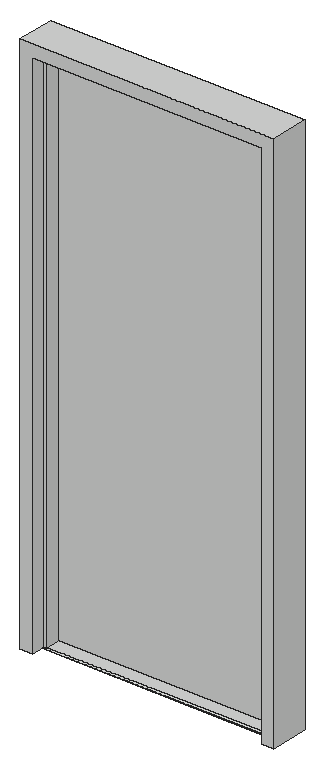
Revit family "AcousticSteelDoors_AMBICO_SingleFrame", category Doors, host Wall, Revit 2026
Family settings
  Host = Wall
  Classification Number = 23.30.10.11.11
  Always vertical = Yes
  Cut with Voids When Loaded = No
  Shared = No
  Room Calculation Point = No
Parameters (values of type "3' x 7'")
  z_Door Side Gap = 0' - 0 1/8"
  ZWidth = if(Width > Maximum Width, Maximum Width, if(Width < Minimum Width, Minimum Width, Width))  # 3' - 0"
  ZHeight = if(Height > Maximum Height, Maximum Height, if(Height < Minimum Height, Minimum Height, Height))  # 7' - 0"
  Warranty = "Five (5) years from date of supply, covering material and workmanship."  # constant formula
  Version = 2  # constant formula
  URL = "https://www.ambico.com/"
  Thickness = 0' - 1 3/4"  # constant formula
  Rough Width = Width + (Frame Width * 2)  # 3' - 4"
  Rough Height = Height + Frame Width  # 7' - 2"
  Product data url = ""
  Product Page URL = "https://www.ambico.com/acoustic-steel-doors-and-frames/"
  Product Material = AMBICO - Steel -  Galvanized - ASTM A653/A653M,ZF75(A25)
  Panel Material = AMBICO - Steel -  Galvanized - ASTM A653/A653M,ZF75(A25)
  Operation = "Swing"  # constant formula
  Model = "STC39 to 46"  # constant formula
  Minimum Width = 2' - 6"  # constant formula
  Minimum Height = 5' - 0"  # constant formula
  Maximum Width = 4' - 8"  # constant formula
  Maximum Height = 8' - 0"  # constant formula
  Manufacturer = "AMBICO"  # constant formula
  Function = Interior
  Height = 7' - 0"
  Wall Closure = By host
  Width = 3' - 0"
  Frame Width = 0' - 2"  # constant formula
  FireRating [instance] = ""
  Fire Rating = "45, 90, 180"
  Description = "STC39 to 46 Details Single Frame"  # constant formula
  Define Thermal Properties by = Schematic Type
  Date Updated = "2024/03/21"  # constant formula
  Date Created = "2023/08/02"  # constant formula
  Analytic Construction = "<None>"
  AcousticRating [instance] = 0
Reference planes (in)
  plane 1 "Center (Front/Back)": y = 0
  plane 2 "Center (Left/Right)": x = 0
  plane 3 "Left": x = -20
  plane 4 "Right": x = 20
  plane 5 "Top": z = 86.01953
  plane 6 "Exterior": y = 3
  plane 7 "Interior": y = -3
  plane 8: z = 84.01953
  plane 9: y = 2.5
  plane 10: y = -2.5
  plane 11: y = 1.0625
  plane 12: y = -1.0625
  plane 13: z = 83.39453
  plane 14: z = 85.96094
  plane 15: y = 2.94141
  plane 16: z = 84.07813
  plane 17: y = 1.00391
  plane 18: z = 83.45313
  plane 19: y = -1.00391
  plane 20: y = -2.94141
  plane 21: x = 18
  plane 22: x = -18
  plane 23: z = 84
  plane 24: y = 1.25
  plane 25: y = 39
  plane 26: x = -16.125
  plane 27: y = 39.125
  plane 28: z = 0.24937
  plane 29: y = 3.125
  plane 30: x = -17.875
  plane 31: x = 17.875
Forms (in)
  Sweep 1, solid, material "AMBICO - Steel -  Galvanized - ASTM A653/A653M,ZF75(A25)" <- "Product Material"
    path origin (0, 0, 0) x (1, 0, 0) y (0, 0, 1)
      loop
        line (-20, 0) -> (-20, 86.01953) -> (20, 86.01953) -> (20, 0)
    profile origin (0, 0, 86.01953) x (0, 0, -1) y (0, -1, 0)
      loop
        line (0, -3) -> (2, -3) -> (2, -1.0625) -> (2.625, -1.0625) -> (2.625, 1.0625) -> (2, 1.0625) -> (2, 3) -> (0, 3) -> (0, -3)
  Extrusion 2, solid, material "AMBICO - Steel -  Galvanized - ASTM A653/A653M,ZF75(A25)" <- "Panel Material"
    sketch origin (0, 0, 0) x (1, 0, 0) y (0, 0, 1)
      loop
        line (-17.875, 0.24937) -> (17.875, 0.24937) -> (17.875, 84) -> (-17.875, 84) -> (-17.875, 0.24937)
    from -3 to -1.25
  Sweep 3, solid, material "AMBICO - Steel -  Galvanized - ASTM A653/A653M,ZF75(A25)" <- "Product Material"
    path origin (0, 3, 0) x (1, 0, 0) y (0, 0, 1)
      loop
        line (18, 0) -> (-18, 0)
    profile "Threshold Profiles : Family5" origin (0, 3, 0) x (0, 0, -1) y (0, -1, 0)
      loop
        line (-0.14027, 1.71883) -> (-0.07793, 1.71883) -> (-0.07793, 1.78117) -> (-0.14027, 1.78117) -> (-0.14027, 3.93203) -> (-0.1091, 4.00996) -> (-0.1091, 3.86969) -> (0, 3.86969) -> (0, 4.24375) -> (-0.12469, 4.24375) -> (-0.24937, 3.93203) -> (-0.24937, -0.43203) -> (-0.12469, -0.74375) -> (0, -0.74375) -> (0, -0.36969) -> (-0.1091, -0.36969) -> (-0.1091, -0.50996) -> (-0.14027, -0.43203) -> (-0.14027, 1.71883)
Lines and regions (in)
  Opening 1
    outline origin (-90, -3, 0) x (1, 0, 0) y (0, 0, 1)
      loop
        line (70, 0) -> (110, 0) -> (110, 86.01953) -> (70, 86.01953) -> (70, 0)
  Masking region 1
    outline origin (0, 0, 0) x (1, 0, 0) y (0, 1, 0)
      loop
        line (-20, -3) -> (-18, -3) -> (-18, -1.0625) -> (-17.375, -1.0625) -> (-17.375, 1.0625) -> (-18, 1.0625) -> (-18, 3) -> (-20, 3) -> (-20, -3)
  Masking region 2
    outline origin (0, 0, 0) x (1, 0, 0) y (0, 1, 0)
      loop
        line (20, -3) -> (20, 3) -> (18, 3) -> (18, 1.0625) -> (17.375, 1.0625) -> (17.375, -1.0625) -> (18, -1.0625) -> (18, -3) -> (20, -3)
  symbolic lines, style "Doors"
    curve 1: line (-17.875, 39.125, 0) -> (-16.125, 39.125, 0)
    curve 2: line (-16.125, 3.125, 0) -> (-16.125, 39.125, 0)
    curve 3: line (-17.875, 3.125, 0) -> (-17.875, 39.125, 0)
    curve 4: line (-17.875, 3.125, 0) -> (-16.125, 3.125, 0)
  symbolic lines
    curve 5: circle (-18, 3.125, 0) r 0.125 normal (0, 0, 1)
  symbolic lines, style "Elevation Swing"
    curve 6: arc (17.875, 3, 0) -> (7.41161, 28.32322, 0) -> (-17.875, 38.87478, 0) r 35.875
Text (in)
  text "Exterior" at (-74.96733, 27.31104, 0), in view "Ref. Level"
  text "Interior" at (-74.96733, -25.14366, 0), in view "Ref. Level"
  text "Exterior" at (0, 40.15149, 123.01588), in view "Right"
  text "Interior" at (0, -64.39139, 123.01588), in view "Right"
  text "Interior" at (0, -31.01599, 123.00693), in view "Left"
  text "Exterior" at (0, 54.57065, 123.00693), in view "Left"
Dimensions and locks (in)
  equal spacing: plane 3 "Left", plane 2 "Center (Left/Right)", plane 4 "Right"
  "ZHeight": level to plane 23
  locked: plane 6 "Exterior" to plane 9 at 0.5
  locked: plane 10 to plane 7 "Interior" at 0.5
  locked: plane 6 "Exterior" to plane 11 at 1.9375
  locked: plane 12 to plane 7 "Interior" at 1.9375
  locked: plane 8 to plane 5 "Top" at 2
  locked: plane 8 to plane 13 at 0.625
  locked: plane 6 "Exterior" to plane 15 at 0.05859
  locked: plane 20 to plane 7 "Interior" at 0.05859
  locked: plane 14 to plane 5 "Top" at 0.05859
  locked: plane 16 to plane 8 at 0.05859
  locked: plane 11 to plane 17 at 0.05859
  locked: plane 19 to plane 12 at 0.05859
  locked: plane 18 to plane 13 at 0.05859
  locked: plane 21 to plane 4 "Right" at 2
  locked: plane 3 "Left" to plane 22 at 2
  "ZWidth": plane 22 to plane 21
  locked: plane 8 to plane 23 at 0.01953
  "Thickness": plane 24 to plane 6 "Exterior"
  "Width": plane 6 "Exterior" to plane 25
  "z_Door Side Gap": plane 27 to plane 25
  locked: level to plane 28 at 0.24937
  "z_Door Side Gap": plane 6 "Exterior" to plane 29
  "z_Door Side Gap": plane 22 to plane 30
  "z_Door Side Gap": plane 31 to plane 21
  plane 30 to plane 26 = 0' - 1 3/4"
  aligned and locked: plane 3 "Left" to Opening 1 sketch curve
  aligned and locked: plane 5 "Top" to Opening 1 sketch curve  (x2)
  aligned and locked: Opening 1 sketch curve to plane 4 "Right"
  aligned and locked: Opening 1 sketch curve to level
  aligned and locked: plane 6 "Exterior" to host wall
  aligned and locked: plane 7 "Interior" to host wall
  aligned and locked: Sweep 1 sketch curve to plane 3 "Left"
  aligned and locked: Sweep 1 sketch curve to plane 4 "Right"
  aligned and locked: Sweep 1 sketch curve to plane 5 "Top"  (x2)
  aligned and locked: level to Sweep 1 sketch curve  (x2)
  aligned and locked: Sweep 1 sketch curve to plane 6 "Exterior"
  aligned and locked: Sweep 1 sketch curve to plane 7 "Interior"
  aligned and locked: Sweep 1 sketch curve to plane 8
  aligned and locked: Sweep 1 sketch curve to plane 11
  aligned and locked: Sweep 1 sketch curve to plane 13
  aligned and locked: Sweep 1 sketch curve to plane 12
  aligned and locked: Extrusion 2 sketch curve to plane 23
  aligned and locked: Extrusion 2 to plane 6 "Exterior"
  aligned and locked: plane 24 to Extrusion 2
  aligned and locked: curve 2 to plane 26
  aligned and locked: plane 28 to Extrusion 2 sketch curve
  aligned and locked: curve 4 to plane 29
  aligned and locked: curve 3 to plane 30
  aligned and locked: plane 30 to Extrusion 2
  aligned and locked: Extrusion 2 to plane 31
  aligned and locked: curve 1 to plane 27
  aligned and locked: Masking region 1 sketch curve to plane 3 "Left"
  aligned and locked: Sweep 1 to Masking region 1 sketch curve
  aligned and locked: Masking region 1 sketch curve to Sweep 1  (x2)
  aligned and locked: Masking region 1 sketch curve to plane 22
  aligned and locked: Masking region 1 sketch curve to plane 7 "Interior"
  aligned and locked: Masking region 1 sketch curve to plane 6 "Exterior"
  aligned and locked: Masking region 2 sketch curve to plane 4 "Right"
  aligned and locked: Masking region 2 sketch curve to plane 21
  aligned and locked: Masking region 2 sketch curve to Sweep 1  (x2)
  aligned and locked: Sweep 1 to Masking region 2 sketch curve
  aligned and locked: Masking region 2 sketch curve to plane 7 "Interior"
  aligned and locked: Masking region 2 sketch curve to plane 6 "Exterior"
  aligned and locked: plane 21 to Sweep 3 sketch curve
  aligned and locked: plane 22 to Sweep 3 sketch curve
Automatic sketch dimensions
  Sweep 1 sketch curve to Sweep 1 sketch curve = 0' - 0"
  Extrusion 2 sketch curve to plane 22 = 0' - 0 1/8"
  plane 21 to Extrusion 2 sketch curve = 0' - 0 1/8"
  curve 6 to host wall = 0' - 0"
  curve 6 to plane 22 = 0' - 0"
  curve 5 to plane 22 = 0' - 0"
  curve 6 to plane 31 = 0' - 0"
  curve 5 to plane 29 = 0' - 0"
  Masking region 1 sketch curve to plane 22 = 0' - 0"
  Masking region 2 sketch curve to plane 21 = 0' - 0"
  Sweep 3 sketch curve to level = 0' - 0"
